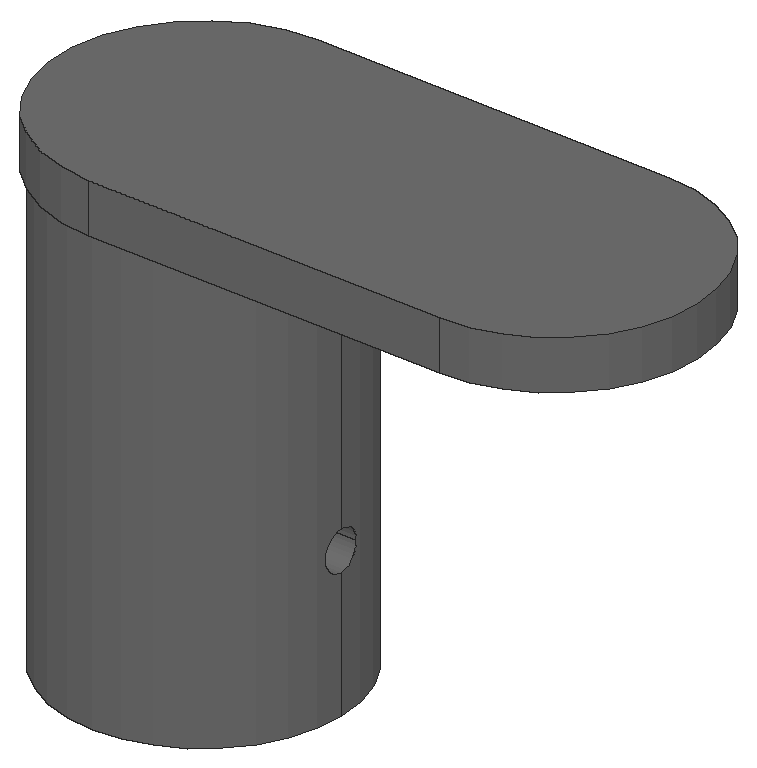
Revit family "4-ALMA-ROBCode-Ascari Robe Hook-Finish", category Specialty Equipment, host Face, Revit 2022
Family settings
  Host = Face
  Round Connector Dimension = Use Diameter
  Part Type = Normal
  Cut with Voids When Loaded = No
  Maintain Annotation Orientation = No
  Shared = No
  Room Calculation Point = No
Parameters (values of type "MATTE BLACK")
  URL = "https://www.buildmat.com.au/products/ascari-matte-black-robe-hook"
  Model = "ROBBK004"
  Material = _BM_MATTE BLACK
  Manufacturer = "BUILDMAT"
  Default Elevation = 1219.2 mm
  Cost = 29
Types (4, lengths in mm): name | URL | Model | Material | Cost
  BRUSHED BRASS GOLD | "https://www.buildmat.com.au/products/ascari-brushed-brass-gold-robe-hook" | "ROBGD001" | _BM_BRUSHED BRASS GOLD | 39
  BRUSHED GUNMETAL | "https://www.buildmat.com.au/products/ascari-brushed-gunmetal-robe-hook" | "ROBGM003" | _BM_BRUSHED GUNMETAL | 39
  BRUSHED NICKEL | "https://www.buildmat.com.au/products/ascari-brushed-nickel-robe-hook" | "ROBBN002" | _BM_BRUSHED NICKEL | 39
  MATTE BLACK | "https://www.buildmat.com.au/products/ascari-matte-black-robe-hook" | "ROBBK004" | _BM_MATTE BLACK | 29
Reference planes
  plane 1 "Centro (Elevation)": y = 0
  plane 2 "Back": z = 0
  plane 3 "Centro (Izquierda/Derecha)": x = 0
  plane 4 "Top": y = 14.5
  plane 5 "Bottom": y = -14.5
  plane 6: x = 50
  plane 7 "Left": x = -14.5
  plane 8 "Front": z = 50
  plane 9: z = 45
Forms (mm)
  Extrusion 1, solid, material "_BM_MATTE BLACK" <- "Material"
    sketch origin (0, 0, 50) x (1, 0, 0) y (0, 1, 0)
      loop
        line (35.5, 14.5) -> (0, 14.5)
        arc (0, 14.5) -> (-14.5, 0) -> (0, -14.5) r 14.5
        line (0, -14.5) -> (35.5, -14.5)
        arc (35.5, -14.5) -> (50, 0) -> (35.5, 14.5) r 14.5
    from 0 to -5
  Extrusion 2, solid, material "_BM_MATTE BLACK" <- "Material"
    sketch origin (0, 0, 0) x (1, 0, 0) y (0, 1, 0)
      loop
        circle (0, 0) r 14
    from 0 to 45
  Extrusion 3, void
    sketch origin (0, 0, 0) x (0, 1, 0) y (0, 0, 1)
      loop
        circle (0, 15) r 2
    from -14.5 to 50
Cuts and joins
  Extrusion 3 cuts Extrusion 1
  Extrusion 3 cuts Extrusion 2
  joined: Extrusion 1, Extrusion 2
Lines and regions (mm)
  symbolic lines, style "SpecialityEquipmentHiddenLines", detail levels medium+fine
    curve 1: circle (0, 0, 0) r 14 normal (0, 0, 1)
Dimensions and locks
  equal spacing: plane 4 "Top", plane 1 "Centro (Elevation)", plane 5 "Bottom"
  plane 4 "Top" to plane 5 "Bottom" = 29 mm
  plane 7 "Left" to plane 6 = 64.5 mm
  plane 7 "Left" to plane 3 "Centro (Izquierda/Derecha)" = 14.5 mm  (x2)
  plane 2 "Back" to plane 8 "Front" = 50 mm
  plane 9 to plane 8 "Front" = 5 mm
  aligned and locked: plane 2 "Back" to host face
  aligned and locked: level to host face
  aligned and locked: plane 8 "Front" to Extrusion 1
  aligned and locked: plane 9 to Extrusion 1
  aligned and locked: Extrusion 2 to plane 2 "Back"
  aligned and locked: Extrusion 2 to plane 9
  aligned and locked: Extrusion 3 to plane 7 "Left"
  aligned and locked: plane 6 to Extrusion 3
Automatic sketch dimensions
  host sketch curve to host sketch curve = 2438.4 mm  (x2)
  Extrusion 1 sketch curve to plane 3 "Centro (Izquierda/Derecha)" = 0 mm
  Extrusion 1 sketch curve to plane 5 "Bottom" = 0 mm
  plane 1 "Centro (Elevation)" to Extrusion 1 sketch curve = 0 mm
  Extrusion 1 sketch curve to Extrusion 1 sketch curve = 35.5 mm
  plane 1 "Centro (Elevation)" to Extrusion 2 sketch curve = 0 mm
  Extrusion 2 sketch curve to plane 3 "Centro (Izquierda/Derecha)" = 0 mm
  plane 1 "Centro (Elevation)" to curve 1 = 0 mm
  curve 1 to plane 3 "Centro (Izquierda/Derecha)" = 0 mm
  level to Extrusion 3 sketch curve = 15 mm
  Extrusion 3 sketch curve to plane 1 "Centro (Elevation)" = 0 mm
  radius of Extrusion 2 sketch curve = 14 mm
  radius of curve 1 = 14 mm
  radius of Extrusion 3 sketch curve = 2 mm
